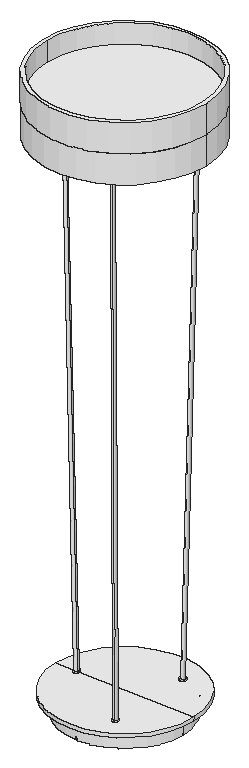
Revit family "DEEP FOCUS ROUND LIGHT", category Lighting Fixtures, host Face, Revit 2020 (continued)
Types (13): name | Wattage Comments | Wattage | Surface Mount | Photometric Web File | Order number | built-in parameter 1150142 | Model | built-in parameter 1150105 | Lumens | built-in parameter 1150106 | Fixture Diameter | Finish/Color | D2 | D1 | Apparent Load | Aircraft Cable Pendant Mount
  DFRD24-40-40901-ACPMK | "40 W" | 22.8892 W | no | "DFRD24_40_XX901.IES" | "16824" | "IESNA:LM-63-2002\r\n[TEST] \r\n[DATE] 2022-08-05\r\n[MANUFAC] Aboveall lighting\r\n[LUMCAT] \r\n[LUMINAIRE] DFRD24-40-30901\r\n[LAMPCAT] \r\n[LAMP] SAMSUNG 2835 3000K\r\nTILT=NONE\r\n1 3788.7 1.2 91 13 1 2 0.6 0.6 0.10\r\n1 1 41.6\r\n0. 1. 2. 3. 4. 5. 6. 7. 8. 9. 10. 11. 12. 13. 14. 15. 16. 17. 18. 19. 20. 21. 22. 23. 24. 25. 26. 27. 28. 29. 30. 31. 32. 33. 34. 35. 36. 37. 38. 39. 40. 41. 42. 43. 44. 45. 46. 47. 48. 49. 50. 51. 52. 53. 54. 55. 56. 57. 58. 59. 60. 61. 62. 63. 64. 65. 66. 67. 68. 69. 70. 71. 72. 73. 74. 75. 76. 77. 78. 79. 80. 81. 82. 83. 84. 85. 86. 87. 88. 89. 90. \r\n0. 30. 60. 90. 120. 150. 180. 210. 240. 270. 300. 330. 360. \r\n1300.361 1303.52 1301.042 1299.626 1296.439 1291.837 1289.359 1283.695 1280.508 1273.782 1265.639 1261.391 1252.54 1247.584 1236.255 1222.802 1216.43 1202.623 1195.542 1180.319 1164.388 1155.892 1138.898 1129.694 1102.434 1102.434 1083.67 1064.199 1054.286 1033.753 1013.573 1002.953 899.577 899.577 899.577 899.577 899.577 888.249 864.175 827.71 827.71 803.283 776.023 766.464 741.328 715.485 702.74 689.995 663.797 637.599 622.73 596.532 583.433 556.881 543.428 516.876 490.325 477.226 450.32 423.414 410.315 383.763 370.31 344.643 318.799 306.019 280.423 255.464 243.074 218.54 192.66 180.694 157.577 135.344 124.369 103.198 76.434 72.929 54.52 45.882 32.995 29.065 21.454 17.701 7.47 4.39 1.77 0.885 0.92 1.027 1.133 \r\n1300.361 1296.085 1295.731 1294.315 1292.191 1290.775 1287.235 1282.987 1280.508 1274.844 1268.471 1264.931 1257.143 1248.292 1243.69 1233.069 1221.032 1214.66 1201.561 1187.4 1180.319 1172.531 1156.954 1139.96 1130.756 1112.346 1103.496 1075.528 1065.969 1056.411 1036.231 1026.673 1005.431 905.95 905.95 905.95 905.95 905.95 894.621 882.938 859.219 835.499 823.462 797.264 773.545 748.409 735.664 710.174 697.783 671.939 658.84 632.997 606.445 593.7 567.148 554.403 528.205 502.007 488.909 462.357 449.258 422.706 395.092 381.639 355.795 343.015 317.348 304.638 267.112 254.65 242.33 205.83 194.076 182.04 159.134 136.689 114.987 104.508 77.284 73.637 55.122 37.81 32.712 24.64 21.277 13.453 7.293 3.363 1.239 0.283 0.283 \r\n1300.361 1297.147 1297.147 1296.793 1295.731 1295.023 1292.191 1289.005 1286.881 1282.278 1279.8 1274.136 1267.409 1263.869 1255.373 1246.168 1240.858 1229.883 1223.51 1211.12 1204.393 1190.586 1175.009 1167.574 1151.643 1143.501 1126.153 1107.744 1098.894 1080.13 1070.218 1051.1 1031.275 1020.654 998.704 998.704 998.704 998.704 998.704 998.704 886.125 862.405 850.368 826.294 801.867 789.83 764.694 752.303 726.813 714.422 688.225 660.611 647.512 634.413 608.923 583.079 556.881 543.782 530.683 503.778 478.288 466.605 439.699 413.501 400.402 374.558 348.998 336.111 310.763 285.734 271.785 248.632 223.177 211.282 187.385 164.091 152.656 130.423 119.519 108.721 77.425 67.654 49.811 46.838 31.402 23.047 19.117 11.86 3.646 0.389 0.283 \r\n1300.361 1299.626 1297.856 1296.793 1294.669 1291.129 1289.005 1284.757 1282.278 1273.074 1270.242 1266.701 1258.559 1253.956 1244.752 1239.441 1227.759 1215.722 1201.915 1194.834 1180.319 1171.469 1155.184 1139.252 1130.402 1112.346 1093.937 1084.379 1064.907 1045.082 1035.523 1014.282 1004.015 903.472 903.472 903.472 903.472 903.472 891.789 866.653 854.616 830.189 818.152 775.669 775.669 756.905 731.416 718.671 693.181 666.983 653.884 628.04 614.587 588.39 562.192 549.093 523.249 495.281 483.598 455.63 429.432 416.333 390.136 364.292 351.441 326.092 313.383 288.318 263.749 251.429 226.859 214.893 191.173 179.207 156.054 133.326 120.793 76.859 76.859 68.362 50.555 42.235 31.402 27.26 19.542 12.143 6.018 3.717 0.637 0.283 0.283 \r\n1300.361 1300.688 1300.688 1300.334 1299.626 1297.856 1296.439 1293.253 1289.359 1286.881 1281.924 1279.092 1275.906 1265.285 1261.391 1252.54 1242.628 1237.317 1225.635 1212.89 1205.101 1190.586 1183.152 1167.574 1151.643 1134.65 1125.799 1108.098 1098.54 1079.776 1060.305 1050.746 1030.213 1019.592 998.704 998.704 998.704 998.704 998.704 998.704 895.329 871.963 847.536 835.853 811.071 798.68 773.545 748.409 735.664 710.528 683.976 670.877 644.68 618.482 605.383 579.185 552.633 537.764 510.858 484.66 471.561 466.251 432.619 406.067 406.067 366.77 341.174 328.323 302.656 289.876 264.917 240.277 228.382 204.237 192.236 168.622 144.194 132.972 111.27 100.401 79.868 60.786 52.254 47.227 28.11 24.109 16.462 9.594 2.16 0.319 0.319 \r\n1300.361 1302.458 1301.75 1300.688 1298.21 1295.377 1291.483 1289.005 1284.049 1280.862 1274.844 1267.763 1263.161 1254.311 1249.708 1239.087 1226.342 1219.97 1206.517 1199.083 1185.63 1168.99 1161.202 1144.563 1135.712 1118.011 1109.16 1090.397 1070.926 1061.367 1041.188 1020.654 1010.033 896.745 896.745 896.745 896.745 896.745 896.745 872.318 860.635 836.561 811.779 799.388 775.315 750.179 737.08 711.59 698.491 672.293 646.096 632.643 606.445 591.576 565.024 551.925 511.92 485.368 485.368 458.462 445.363 405.005 391.906 378.453 352.078 339.085 313.17 287.397 274.794 249.658 224.664 212.521 186.961 163.276 151.877 129.432 107.801 76.611 76.611 57.812 49.209 34.305 30.234 22.516 18.834 11.824 5.806 1.876 0.283 0.283 0.319 \r\n1300.361 1305.29 1305.644 1305.29 1304.582 1302.458 1300.688 1298.564 1296.793 1292.899 1287.589 1281.57 1278.738 1270.596 1266.701 1258.559 1248.292 1248.292 1231.299 1225.28 1211.827 1197.312 1190.232 1173.593 1166.512 1149.165 1140.314 1122.613 1103.85 1094.291 1075.174 1055.703 1045.436 1024.902 1004.015 1004.015 1004.015 1004.015 1004.015 1004.015 890.019 878.336 853.2 842.579 816.382 791.6 791.6 766.464 740.974 715.485 688.579 675.834 649.282 635.829 609.985 596.886 570.334 543.428 530.329 503.424 489.971 466.605 435.805 422.352 395.8 369.602 356.503 330.305 304.178 291.433 266.121 241.162 228.983 204.414 180.057 168.339 145.327 134.246 112.757 102.101 80.611 61.707 52.75 47.262 32.252 24.428 16.993 10.302 5.063 0.389 0.283 \r\n1300.361 1295.731 1295.023 1293.253 1291.837 1288.651 1286.881 1282.632 1277.322 1274.136 1268.117 1264.577 1256.789 1251.478 1242.274 1231.653 1225.635 1213.598 1206.871 1193.064 1178.195 1170.407 1154.475 1137.482 1128.632 1110.93 1092.875 1083.316 1064.553 1044.728 1035.169 1013.928 1002.245 1002.245 1002.245 1002.245 1002.245 902.056 890.373 867.007 854.97 831.251 818.86 794.786 769.65 757.259 731.416 719.025 693.181 680.082 654.592 626.624 613.171 587.327 561.13 547.677 521.479 495.281 481.474 467.313 430.14 417.395 390.844 365.0 352.113 326.482 300.957 288.424 263.359 249.517 224.912 212.804 188.766 165.755 165.755 132.299 121.466 100.826 100.826 71.265 53.493 47.121 32.499 28.641 21.135 13.984 10.656 4.39 0.956 0.991 1.097 \r\n1300.361 1295.023 1293.961 1291.483 1287.589 1284.757 1280.154 1276.968 1271.304 1264.223 1260.329 1251.832 1247.23 1237.317 1231.299 1219.616 1205.809 1199.083 1184.213 1177.133 1161.556 1144.917 1136.42 1117.303 1108.098 1089.335 1070.572 1060.659 1041.188 1020.654 1010.387 898.515 898.515 898.515 898.515 898.515 898.515 875.504 863.467 839.747 813.549 802.929 775.669 764.694 739.558 714.068 701.323 675.126 662.381 636.183 609.985 596.886 570.334 557.235 530.683 504.486 491.387 465.189 438.637 423.768 397.57 384.471 358.273 332.996 320.145 295.009 269.802 257.589 233.125 209.052 197.015 173.472 161.966 139.663 117.784 107.27 76.753 76.753 58.237 41.173 34.447 26.481 18.94 15.4 8.709 5.629 0.814 0.814 0.92 0.991 1.097 \r\n1300.361 1299.272 1298.564 1297.502 1295.377 1293.961 1290.775 1288.651 1284.049 1279.092 1273.074 1269.534 1261.745 1253.248 1248.646 1238.379 1227.405 1220.678 1207.225 1200.499 1185.63 1170.053 1161.556 1145.271 1136.774 1118.719 1100.664 1090.751 1071.988 1062.429 1042.249 1021.716 1011.095 1011.095 1011.095 1011.095 1011.095 1011.095 897.453 885.771 861.343 849.66 825.586 800.805 775.669 763.278 737.434 711.944 698.845 672.647 646.45 633.351 607.153 594.054 567.148 554.403 525.727 499.529 486.076 466.251 466.251 434.389 395.092 381.993 356.149 343.652 318.198 293.062 280.459 255.748 243.428 219.106 195.068 181.863 158.886 136.441 125.466 104.225 83.833 74.062 56.007 46.66 46.66 26.339 18.87 15.4 8.709 2.726 0.956 0.991 1.062 \r\n1300.361 1298.918 1297.856 1295.377 1293.961 1290.067 1285.465 1282.987 1276.968 1273.782 1266.701 1258.913 1254.665 1244.752 1234.131 1228.467 1215.722 1202.269 1194.48 1179.257 1163.68 1155.184 1138.19 1120.135 1111.284 1092.521 1082.962 1063.491 1053.578 1033.045 1012.511 1001.891 900.286 900.286 900.286 900.286 900.286 886.833 862.759 851.076 839.039 814.257 776.023 776.023 752.303 726.813 714.068 687.871 661.673 648.928 622.376 595.824 569.272 556.527 528.205 516.522 488.2 475.102 448.196 421.29 408.191 381.639 368.54 342.767 316.994 304.355 266.439 266.439 229.479 229.479 205.37 181.367 169.72 135.91 135.91 112.651 76.717 76.717 54.838 45.846 33.031 29.136 21.56 17.914 11.046 4.85 2.089 0.85 0.92 0.991 1.062 \r\n1300.361 1303.166 1302.104 1301.396 1299.272 1296.439 1296.439 1290.421 1287.589 1282.278 1276.26 1272.72 1265.285 1261.037 1256.789 1242.274 1236.963 1224.926 1218.2 1204.747 1198.021 1182.089 1166.512 1157.662 1141.022 1123.321 1114.117 1095.353 1076.944 1066.677 1046.852 1026.318 1016.406 1005.785 1005.785 1005.785 1005.785 1005.785 904.534 880.814 867.361 843.287 831.251 806.823 781.687 769.296 743.452 730.708 704.864 691.765 665.567 639.369 625.916 600.072 586.619 560.422 533.516 520.417 493.157 466.605 466.605 426.6 399.694 386.595 360.397 347.759 321.844 296.319 270.9 258.403 233.373 221.089 196.696 173.26 161.683 139.132 128.157 117.465 106.986 75.62 57.706 49.139 47.121 30.552 22.941 15.719 12.32 5.841 0.991 0.991 1.133 \r\n1300.361 1303.52 1301.042 1299.626 1296.439 1291.837 1289.359 1283.695 1280.508 1273.782 1265.639 1261.391 1252.54 1247.584 1236.255 1222.802 1216.43 1202.623 1195.542 1180.319 1164.388 1155.892 1138.898 1129.694 1102.434 1102.434 1083.67 1064.199 1054.286 1033.753 1013.573 1002.953 899.577 899.577 899.577 899.577 899.577 888.249 864.175 827.71 827.71 803.283 776.023 766.464 741.328 715.485 702.74 689.995 663.797 637.599 622.73 596.532 583.433 556.881 543.428 516.876 490.325 477.226 450.32 423.414 410.315 383.763 370.31 344.643 318.799 306.019 280.423 255.464 243.074 218.54 192.66 180.694 157.577 135.344 124.369 103.198 76.434 72.929 54.52 45.882 32.995 29.065 21.454 17.701 7.47 4.39 1.77 0.885 0.92 1.027 1.133 \r\n" | "DFRD24-40-40901-ACPMK" | 270.56 (stored number, unit not read) | 3400 lm | 2.7056 (stored number, unit not read) | 1' - 11 77/128" | White | 0' - 10 77/256" | 0' - 11 205/256" | 50 VA | yes
